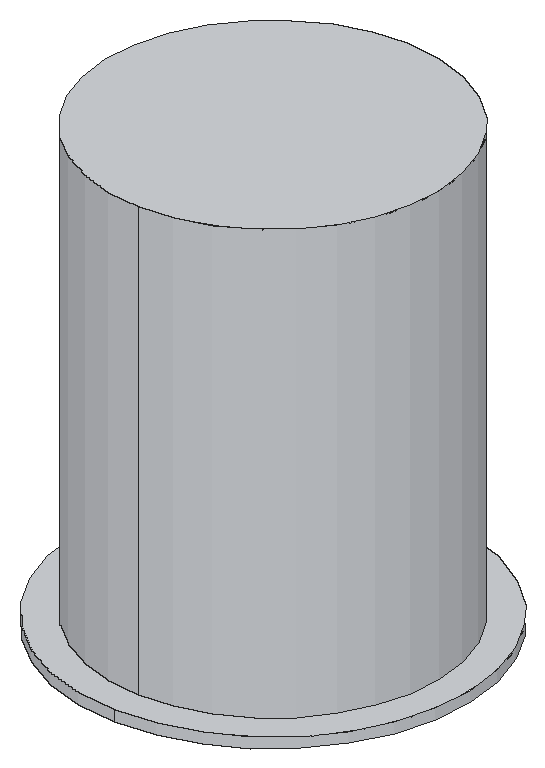
Revit family "VECO 4", category Lighting Fixtures, host Ceiling, Revit 2017
Family settings
  Host = Ceiling
  Round Connector Dimension = Use Diameter
  Part Type = Normal
  OmniClass Number = 23.80.70.11
  OmniClass Title = Luminaries for Internal Lighting
  Always vertical = Yes
  Cut with Voids When Loaded = No
  Light Source = Yes
  Shared = No
  Room Calculation Point = No
Parameters (values of type "Type 1")
  Wattage = 9.2903 W
  built-in parameter 1150110 = 1 (stored number, unit not read)
  built-in parameter 1114217 = 1 (stored number, unit not read)
  Tilt Angle = 90.00°
  built-in parameter 1150109 = 1 (stored number, unit not read)
  built-in parameter 1150134 = (empty or 0)
  built-in parameter 1150113 = 1 (stored number, unit not read)
  Photometric Web File = "ELR100P 35D.IES"
  Lumens = 1380 lm
  built-in parameter 1150115 = 1 (stored number, unit not read)
  built-in parameter 1150105 = 109.82 (stored number, unit not read)
  built-in parameter 1150137 = (empty or 0)
  built-in parameter 1150139 = (empty or 0)
  built-in parameter 1150112 = 1 (stored number, unit not read)
  built-in parameter 1150114 = 1 (stored number, unit not read)
  built-in parameter 1150132 = 2
  built-in parameter 1150102 = (empty or 0)
  built-in parameter 1150138 = (empty or 0)
  built-in parameter 1150107 = 3000 (stored number, unit not read)
  built-in parameter 1150106 = 1.0982 (stored number, unit not read)
  built-in parameter 1150104 = 13.8 (stored number, unit not read)
  Dimming Lamp Color Temperature Shift = <None>
  Color Filter = 16777215
  built-in parameter 1114218 = 1 (stored number, unit not read)
  built-in parameter 1150133 = 10 (stored number, unit not read)
Reference planes
  plane 1 "Light Source Axis (F/B)": y = 0
  plane 2: z = 0
  plane 3 "Light Source Axis (L/R)": x = 0
  plane 4 "Ceiling": z = 4000
  plane 5 "Light Source Elevation": z = 3996.875
  plane 6: y = 52.5
  plane 7: y = -52.5
  plane 8: x = -41.671
  plane 9: x = 41.671
Forms (mm)
  Extrusion 1, solid
    sketch origin (0, 0, 4000) x (0, 1, 0) y (-1, 0, 0)
      loop
        circle (0, 0) r 56.91
      loop
        circle (0, 0) r 45
    from 0 to -3
  Extrusion 2, solid
    sketch origin (0, 0, 4000) x (0, 1, 0) y (-1, 0, 0)
      loop
        circle (0, 0) r 48.134
    from 0 to 126
  Extrusion 3, solid, material "Glass, Frosted"
    sketch origin (0, 0, 4000) x (0, 1, 0) y (-1, 0, 0)
      loop
        circle (0.038, 0.015) r 45
    from 0 to -3
Lines and regions (mm)
  Opening 1
    outline origin (0, 0, 4000) x (1, 0, 0) y (0, 1, 0)
      loop
        circle (0, 0) r 56.91
Dimensions and locks
  equal spacing: host sketch curve, plane 3 "Light Source Axis (L/R)", host sketch curve
  equal spacing: host sketch curve, plane 1 "Light Source Axis (F/B)", host sketch curve
  host sketch curve to host sketch curve = 4000.00 mm  (x2)
  plane 4 "Ceiling" to host ceiling = 0.00 mm
  plane 4 "Ceiling" to Extrusion 2 = 126.00 mm
  plane 6 to plane 7 = 105.00 mm
  equal spacing: plane 9, imposter light, plane 8
  plane 9 to plane 8 = 83.342 mm
  aligned and locked: plane 5 "Light Source Elevation" to imposter light
Automatic sketch dimensions
  Opening 1 sketch curve to Opening 1 sketch curve = 0.00 mm  (x2)
  plane 1 "Light Source Axis (F/B)" to Opening 1 sketch curve = 0.00 mm
  Opening 1 sketch curve to plane 3 "Light Source Axis (L/R)" = 0.00 mm
  Opening 1 sketch curve to plane 8 = 15.239 mm
  plane 1 "Light Source Axis (F/B)" to Extrusion 2 sketch curve = 0.00 mm
  Extrusion 2 sketch curve to plane 3 "Light Source Axis (L/R)" = 0.00 mm
  Extrusion 1 sketch curve to Extrusion 1 sketch curve = 0.00 mm  (x2)
  plane 1 "Light Source Axis (F/B)" to Extrusion 1 sketch curve = 0.00 mm
  Extrusion 1 sketch curve to plane 3 "Light Source Axis (L/R)" = 0.00 mm
  Extrusion 3 sketch curve to plane 3 "Light Source Axis (L/R)" = 0.015 mm
  Extrusion 3 sketch curve to plane 1 "Light Source Axis (F/B)" = 0.038 mm
  radius of Extrusion 2 sketch curve = 48.134 mm
  radius of Extrusion 1 sketch curve = 56.91 mm
  radius of Extrusion 1 sketch curve = 45.00 mm
  radius of Extrusion 3 sketch curve = 45.00 mm
